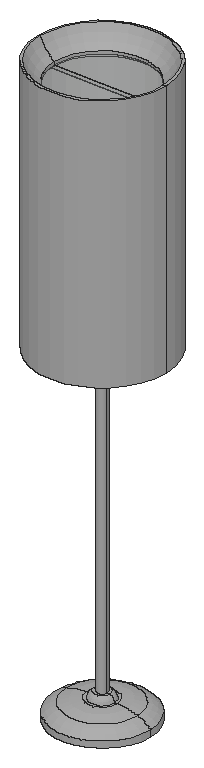
Revit family "LD6LED4P", category Lighting Fixtures, host Face, Revit 2012
Parameters (values of type "LD6LED4 Nichia LED Array 3500 Kelvin with 45° flood distribution")
  Wattage Comments = "14-999W"
  Wattage = 27 W
  built-in parameter 1150110 = 1 (stored number, unit not read)
  Voltage = 120 V
  URL = "http://www.prescolite.com/"
  built-in parameter 1114217 = 1 (stored number, unit not read)
  Tilt Angle = -90.00°
  built-in parameter 1150109 = 1 (stored number, unit not read)
  built-in parameter 1150134 = 3
  built-in parameter 1150113 = 1 (stored number, unit not read)
  Product Page URL = "http://www.prescolite.com/products/ld6/"
  Product Documentation Link = "http://www.prescolite.com/content/products/specs/specs_files/lfo_led_011.pdf"
  Photometric Web File = "2925.IES"
  Model = "LD6LED4P"  # constant formula
  Manufacturer Phone = "864-678-1000"  # constant formula
  Manufacturer Fax = "864-678-1415"  # constant formula
  Manufacturer = "prescolite"  # constant formula
  built-in parameter 1150105 = 319.16 (stored number, unit not read)
  Lumens = 4010.63 lm
  built-in parameter 1150115 = 1 (stored number, unit not read)
  built-in parameter 1150137 = (empty or 0)
  built-in parameter 1150139 = (empty or 0)
  built-in parameter 1150112 = 1 (stored number, unit not read)
  built-in parameter 1150114 = 1 (stored number, unit not read)
  Lamp = "1"
  built-in parameter 1150132 = (empty or 0)
  built-in parameter 1150102 = (empty or 0)
  built-in parameter 1150107 = 3200 (stored number, unit not read)
  built-in parameter 1150138 = (empty or 0)
  built-in parameter 1150106 = 3.1916 (stored number, unit not read)
  Glass = Glass
  Emit from Line Length = 24.000"
  built-in parameter 1150104 = 13.8 (stored number, unit not read)
  Dimming Lamp Color Temperature Shift = <None>
  Description = "6' LED Pendant Mount Cylinder"  # constant formula
  Default Elevation = 48.000"
  Color Filter = 16777215
  built-in parameter 1114218 = 1 (stored number, unit not read)
  Backbox = Steel
  built-in parameter 1150133 = 10 (stored number, unit not read)
Types (4): name | Wattage Comments | Voltage | Photometric Web File
  LD6LED4 Nichia LED Array 3500 Kelvin with 45° flood distribution | "14-999W" | 120 V | "2925.IES"
  LD6LED4 Nichia LED Array 3500 Kelvin with 35° flood distribution | "27W" | 0 V | "2924.IES"
  LD6LED4 Nichia LED Array 3500 Kelvin with 25° medium distribution | "27W" | 0 V | "2923.IES"
  LD6LED4 Nichia LED Array 3500 Kelvin with 18° spot distribution | "27W" | 0 V | "2922.IES"
Reference planes (in)
  plane 1 "Center (Front/Back)": y = 0.03999
  plane 2: z = 0
  plane 3 "Center (Left/Right)": x = -11.37583
  plane 4: z = 27.5
  plane 5: z = 15.5
  plane 6: x = -8.37583
  plane 7: x = -14.37583
  plane 8: x = -13.62583
  plane 9: x = -9.12583
Forms (in)
  Revolve 1, solid, material "Steel" <- "Backbox"
    sketch origin (0, 0.03999, 0) x (1, 0, 0) y (0, 0, 1)
      loop
        line (-14.37583, 27.5) -> (-14.37583, 15.5) -> (-14.19215, 15.5) -> (-14.19215, 15.77373)
        arc (-14.19215, 15.77373) -> (-14.14278, 15.89292) -> (-14.02358, 15.94229) r 0.16856
        line (-14.02358, 15.94229) -> (-11.62583, 15.94229) -> (-11.62583, 15.79856) -> (-11.67621, 15.79856) -> (-11.67621, 15.67287) -> (-11.60104, 15.67287) -> (-11.60104, 15.40757) -> (-11.37583, 15.40757) -> (-11.37583, 16.02892) -> (-14.27583, 16.02892) -> (-14.27583, 27.27135)
        arc (-14.27583, 27.27135) -> (-14.04622, 26.92214) -> (-13.75787, 26.6196) r 2.32841
        line (-13.75787, 26.6196) -> (-13.88227, 26.6196) -> (-13.88227, 26.35125) -> (-13.78227, 26.35125) -> (-13.78227, 26.5196) -> (-13.62583, 26.5196) -> (-13.62583, 26.6391)
        arc (-13.62583, 26.6391) -> (-14.00304, 27.02973) -> (-14.27457, 27.5) r 2.22841
        line (-14.27457, 27.5) -> (-14.37583, 27.5)
      axis (-11.37583, 27.5) -> (-11.37583, 15.40757)
    angle from 0 to 360
  Revolve 2, solid, material "Steel" <- "Backbox"
    sketch origin (0, 0.03999, 0) x (1, 0, 0) y (0, 0, 1)
      loop
        line (-11.37583, 0) -> (-11.37583, 1.1426) -> (-11.75412, 1.1426)
        arc (-11.75412, 1.1426) -> (-11.881, 1.01772) -> (-11.94926, 0.85331) r 0.44825
        line (-11.94926, 0.85331) -> (-12.09302, 0.85331)
        arc (-12.09302, 0.85331) -> (-12.57339, 0.81108) -> (-13.03903, 0.68569) r 2.75344
        arc (-13.03903, 0.68569) -> (-13.35757, 0.52969) -> (-13.62583, 0.29766) r 1.38012
        line (-13.62583, 0.29766) -> (-13.62583, 0) -> (-11.37583, 0)
      axis (-11.37583, 1.1426) -> (-11.37583, 0)
    angle from 0 to 360
  Revolve 3, solid, material "Glass" <- "Glass"
    sketch origin (0, 0.03999, 0) x (1, 0, 0) y (0, 0, 1)
      loop
        line (-13.78227, 26.5196) -> (-13.78227, 26.35125) -> (-11.37583, 26.35125) -> (-11.37583, 26.5196) -> (-13.78227, 26.5196)
      axis (-11.37583, 26.5196) -> (-11.37583, 26.35125)
    angle from 0 to 360
  Revolve 4, solid, material "Steel" <- "Backbox"
    sketch origin (0, 0.03999, 0) x (1, 0, 0) y (0, 0, 1)
      loop
        line (-11.37583, 1.1426) -> (-11.37583, 15.40757) -> (-11.60104, 15.40757) -> (-11.60104, 1.1426) -> (-11.37583, 1.1426)
      axis (-11.37583, 15.40757) -> (-11.37583, 1.1426)
    angle from 0 to 360
Cuts and joins
  joined: Revolve 1, Revolve 2
Dimensions and locks (in)
  locked: plane 4 to plane 5 at 12
  plane 4 to host face = 27.500"
  equal spacing: plane 7, plane 3 "Center (Left/Right)", plane 6
  locked: plane 7 to plane 6 at 6
  equal spacing: plane 9, plane 3 "Center (Left/Right)", plane 8
  locked: plane 9 to plane 8 at 4.5
  aligned and locked: plane 2 to host face
  aligned and locked: level to host face
  aligned and locked: Revolve 1 sketch curve to plane 3 "Center (Left/Right)"  (x2)
  aligned and locked: plane 5 to Revolve 1 sketch curve
  aligned and locked: plane 7 to Revolve 1 sketch curve
  aligned and locked: Revolve 2 sketch curve to plane 3 "Center (Left/Right)"
  aligned and locked: Revolve 3 sketch curve to cut or joined group of Revolve 1, Revolve 2  (x3)
  aligned and locked: Revolve 3 sketch curve to plane 3 "Center (Left/Right)"  (x2)
  aligned and locked: plane 3 "Center (Left/Right)" to imposter light
  aligned and locked: imposter light to cut or joined group of Revolve 1, Revolve 2
  aligned and locked: imposter light to plane 1 "Center (Front/Back)"
  aligned and locked: Revolve 4 sketch curve to cut or joined group of Revolve 1, Revolve 2  (x3)
  aligned and locked: Revolve 4 sketch curve to plane 3 "Center (Left/Right)"  (x2)
Automatic sketch dimensions
  host sketch curve to host sketch curve = 96.000"  (x2)
  Revolve 3 sketch curve to Revolve 3 sketch curve = 0.690"
  Revolve 3 sketch curve to Revolve 3 sketch curve = 0.4804"
  Revolve 1 sketch curve to Revolve 1 sketch curve = 0.000"  (x2)
  Revolve 1 sketch curve to plane 4 = 0.000"
  Revolve 1 sketch curve to plane 8 = 0.000"
  Revolve 1 sketch curve to plane 7 = 0.100"
  Revolve 1 sketch curve to Revolve 1 sketch curve = 0.10126"
  Revolve 1 sketch curve to Revolve 1 sketch curve = 0.18369"
  Revolve 1 sketch curve to Revolve 1 sketch curve = 0.16856"
  Revolve 1 sketch curve to plane 8 = 0.25643"
  Revolve 1 sketch curve to Revolve 1 sketch curve = 0.100"  (x2)
  Revolve 1 sketch curve to Revolve 1 sketch curve = 0.0244"
  Revolve 1 sketch curve to plane 3 "Center (Left/Right)" = 0.84752"
  Revolve 1 sketch curve to plane 3 "Center (Left/Right)" = 0.30038"
  Revolve 1 sketch curve to Revolve 1 sketch curve = 0.05038"
  plane 5 to Revolve 1 sketch curve = 0.09243"
  Revolve 1 sketch curve to level = 0.99668"
  Revolve 1 sketch curve to plane 5 = 0.17287"
  Revolve 1 sketch curve to plane 5 = 0.27373"
  Revolve 1 sketch curve to Revolve 1 sketch curve = 0.12568"
  Revolve 1 sketch curve to plane 4 = 1.14875"
  Revolve 1 sketch curve to Revolve 1 sketch curve = 0.16835"
  Revolve 1 sketch curve to Revolve 1 sketch curve = 0.11949"
  Revolve 1 sketch curve to Revolve 1 sketch curve = 1.00749"
  Revolve 1 sketch curve to Revolve 1 sketch curve = 0.07517"
  Revolve 1 sketch curve to Revolve 1 sketch curve = 0.08663"
  Revolve 2 sketch curve to level = 0.000"
  Revolve 2 sketch curve to plane 8 = 0.000"
  Revolve 2 sketch curve to plane 3 "Center (Left/Right)" = 0.000"
  plane 8 to Revolve 2 sketch curve = 0.5868"
  plane 8 to Revolve 2 sketch curve = 1.0295"
  Revolve 2 sketch curve to plane 3 "Center (Left/Right)" = 0.71719"
  Revolve 2 sketch curve to Revolve 2 sketch curve = 0.14376"
  Revolve 2 sketch curve to Revolve 2 sketch curve = 0.19513"
  Revolve 2 sketch curve to plane 3 "Center (Left/Right)" = 0.13354"
  Revolve 2 sketch curve to level = 0.50493"
  Revolve 2 sketch curve to level = 0.6215"
  Revolve 2 sketch curve to Revolve 2 sketch curve = 1.27863"
  Revolve 2 sketch curve to Revolve 2 sketch curve = 0.29766"
  Revolve 2 sketch curve to Revolve 2 sketch curve = 0.08624"
  Revolve 2 sketch curve to plane 5 = 0.8057"
  Revolve 4 sketch curve to level = 6.34243"
  Revolve 4 sketch curve to plane 5 = 2.15757"
Connectors (in)
  electrical at (-11.37583, 0.03999, 0), driven by "Description", driven by "Voltage"
    settings: on cut or joined group of Revolve 1, Revolve 2, index 1, voltage 120 V, apparent load 0 VA, apparent load phase1 0 VA, apparent load phase2 0 VA, apparent load phase3 0 VA, power factor 1, load classification "Other", number of poles 1, system type 31, power factor state 1, is connector primary yes, connector utility no, sub classification motor no, connector description "6' LED Pendant Mount Cylinder"
